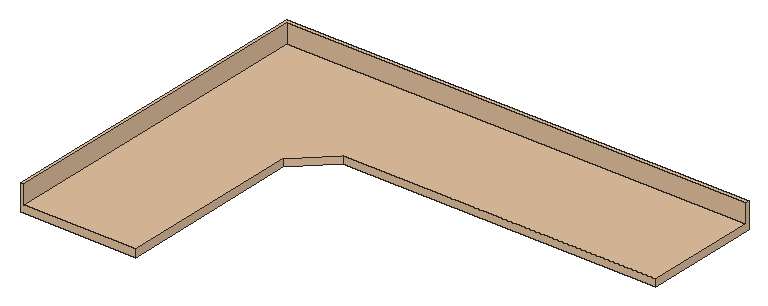
Revit family
Parameters (values of type "600mm Depth")
  Counter Thickness = 40 mm
  Counter Top Material = none
  Depth = 625 mm
  Height [instance] = 900 mm
  Length - Leg 1 [instance] = 2500 mm
  Length - Leg 2 [instance] = 1800 mm
  Assembly Code = ""
Reference planes
  plane 1 "Back": y = 0
  plane 2: z = 0
  plane 3 "Left": x = -1200.462
  plane 4 "Right": x = 1299.538
  plane 5 "Front": y = -625
  plane 6 "Top": z = 900
  plane 7: z = 860
  plane 8: y = -19.05
  plane 9: z = 1001.6
  plane 10: x = -575.462
  plane 11: y = -1800
  plane 12: x = -1181.412
  plane 13: x = -397.662
  plane 14: y = -802.8
Forms (mm)
  Extrusion 1, solid, material <- "Counter Top Material"
    sketch origin (0, 0, 0) x (1, 0, 0) y (0, 1, 0)
      loop
        line (-1200.462, 0) -> (-1200.462, -1800) -> (-575.462, -1800) -> (-575.462, -802.8) -> (-397.662, -625) -> (1299.538, -625) -> (1299.538, 0) -> (-1200.462, 0)
    from 860 to 900
  Extrusion 2, solid, material <- "Counter Top Material"
    sketch origin (0, 0, 0) x (1, 0, 0) y (0, 1, 0)
      loop
        line (1299.538, 0) -> (-1200.462, 0) -> (-1200.462, -19.05) -> (1299.538, -19.05) -> (1299.538, 0)
    from 900 to 1001.6
  Extrusion 3, solid, material <- "Counter Top Material"
    sketch origin (0, 0, 0) x (1, 0, 0) y (0, 1, 0)
      loop
        line (-1200.462, -19.05) -> (-1200.462, -1800) -> (-1181.412, -1800) -> (-1181.412, -19.05) -> (-1200.462, -19.05)
    from 900 to 1001.6
Cuts and joins
  joined: Extrusion 1, Extrusion 2, Extrusion 3
Lines and regions (mm)
  Masking region 1
    outline origin (0, 0, 0) x (1, 0, 0) y (0, 1, 0)
      loop
        line (-1200.462, -1800) -> (-575.462, -1800) -> (-575.462, -802.8) -> (-397.662, -625) -> (1299.538, -625) -> (1299.538, 0) -> (-1200.462, 0) -> (-1200.462, -1800)
  symbolic lines, style "Counter Top"
    curve 1: line (-1181.412, -19.05, 0) -> (1299.538, -19.05, 0)
    curve 2: line (-1181.412, -1800, 0) -> (-1181.412, -19.05, 0)
Dimensions and locks
  "Depth": plane 5 "Front" to plane 1 "Back"
  "Length - Leg 1": plane 3 "Left" to plane 4 "Right"
  "Height": level to plane 6 "Top"
  "Counter Thickness": plane 7 to plane 6 "Top"
  locked: plane 8 to plane 1 "Back" at 19.05
  plane 6 "Top" to plane 9 = 101.6 mm
  "Depth": plane 3 "Left" to plane 10
  "Length - Leg 2": plane 11 to plane 1 "Back"
  locked: plane 3 "Left" to plane 12 at 19.05
  locked: plane 14 to plane 5 "Front" at 177.8
  locked: plane 10 to plane 13 at 177.8
  aligned and locked: Extrusion 1 sketch curve to plane 1 "Back"
  aligned and locked: plane 4 "Right" to Extrusion 1 sketch curve
  aligned and locked: Extrusion 1 sketch curve to plane 5 "Front"
  aligned and locked: Extrusion 1 sketch curve to plane 3 "Left"
  aligned and locked: Extrusion 1 to plane 6 "Top"
  aligned and locked: Extrusion 1 to plane 7
  aligned and locked: plane 1 "Back" to Extrusion 2 sketch curve
  aligned and locked: plane 8 to Extrusion 2 sketch curve
  aligned and locked: Extrusion 2 sketch curve to plane 4 "Right"
  aligned and locked: plane 3 "Left" to Extrusion 2 sketch curve
  aligned and locked: Extrusion 2 to plane 9
  aligned and locked: plane 6 "Top" to Extrusion 2
  aligned and locked: plane 10 to Extrusion 1 sketch curve
  aligned and locked: plane 11 to Extrusion 1 sketch curve
  aligned and locked: plane 12 to Extrusion 3 sketch curve
  aligned and locked: Extrusion 3 to plane 8
  aligned and locked: plane 3 "Left" to Extrusion 3
  aligned and locked: Extrusion 3 to plane 9
  aligned and locked: plane 6 "Top" to Extrusion 3
Automatic sketch dimensions
  plane 3 "Left" to Extrusion 3 sketch curve = 0 mm
  plane 11 to Extrusion 3 sketch curve = 0 mm
  plane 1 "Back" to Extrusion 3 sketch curve = 19.05 mm
  Extrusion 1 sketch curve to plane 13 = 0 mm
  Extrusion 1 sketch curve to plane 14 = 0 mm
  curve 2 to plane 8 = 0 mm
  curve 2 to plane 11 = 0 mm
  curve 1 to plane 4 "Right" = 0 mm
  curve 1 to plane 3 "Left" = 19.05 mm
  Masking region 1 sketch curve to plane 3 "Left" = 0 mm
  Masking region 1 sketch curve to plane 14 = 0 mm
  Masking region 1 sketch curve to plane 10 = 0 mm
  Masking region 1 sketch curve to plane 5 "Front" = 0 mm
  Masking region 1 sketch curve to plane 13 = 0 mm
  Masking region 1 sketch curve to plane 4 "Right" = 0 mm
  Masking region 1 sketch curve to plane 1 "Back" = 0 mm
  Masking region 1 sketch curve to plane 11 = 0 mm
